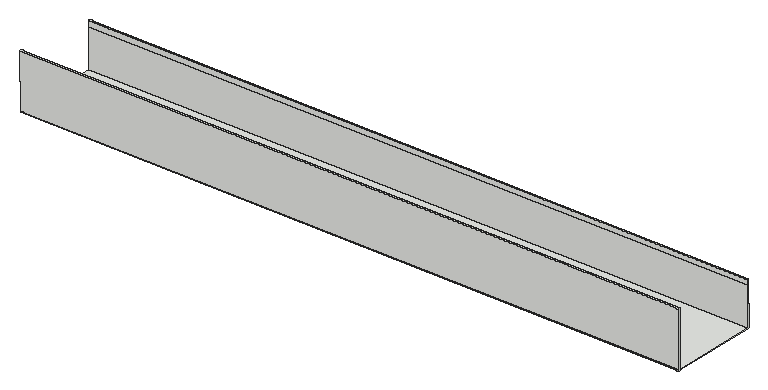
Revit family "PR842", category Mechanical Equipment, Revit 2018
Family settings
  Round Connector Dimension = Use Diameter
  Part Type = Normal
  OmniClass Number = 23.75.00.00
  OmniClass Title = Climate Control (HVAC)
  Work Plane-Based = No
  Always vertical = Yes
  Cut with Voids When Loaded = No
  Shared = No
  Room Calculation Point = No
Parameters (values of type "ISOLAMIN PR842 flashing")
  URL = "http://www.isolamin.se/"
  Thickness = "0.7 mm (Different thicknesses are available on request) \r\n0.7 mm (Different thicknesses are available on request) \r\n0.7 mm (Different thicknesses are available on request)"
  Profile Length = 1180 mm
  Model = "PR842"
  Material = "Galvanized Steel"
  Manufacturer = "ISOLAMIN AB"
  Edition = "1.0 (2018)"
Reference planes
  plane 1 "Center (Front/Back)": y = 0
  plane 2: z = 0
  plane 3 "Center (Left/Right)": x = 0
  plane 4: y = -1284.913
  plane 5: x = 1180
Forms (mm)
  Extrusion 1, solid, material "ISOLAMIN Surface Profile Material"
    sketch origin (0, 0, 0) x (0, 1, 0) y (0, 0, 1)
      loop
        line (-2, 79.256) -> (-2, 70.7) -> (-1, 70.7) -> (-1, 1) -> (-154, 1) -> (-154, 90.7) -> (-153, 90.7) -> (-153, 99.256)
        arc (-153, 99.256) -> (-154, 100) -> (-155, 99.256) r 1.044
        line (-155, 99.256) -> (-155, 1)
        arc (-155, 1) -> (-154.707, 0.293) -> (-154, 0) r 1
        line (-154, 0) -> (-1, 0)
        arc (-1, 0) -> (-0.293, 0.293) -> (0, 1) r 1
        line (0, 1) -> (0, 79.256)
        arc (0, 79.256) -> (-1, 80) -> (-2, 79.256) r 1.044
    from 0 to 1180
Dimensions and locks
  "Profile Length": plane 3 "Center (Left/Right)" to plane 5
  aligned and locked: level to plane 2
  aligned and locked: plane 5 to Extrusion 1
Automatic sketch dimensions
  Extrusion 1 sketch curve to level = 0 mm
  Extrusion 1 sketch curve to plane 1 "Center (Front/Back)" = 0 mm
  Extrusion 1 sketch curve to Extrusion 1 sketch curve = 1 mm  (x5)
  plane 1 "Center (Front/Back)" to Extrusion 1 sketch curve = 1 mm
  Extrusion 1 sketch curve to Extrusion 1 sketch curve = 0 mm  (x3)
  Extrusion 1 sketch curve to Extrusion 1 sketch curve = 151 mm
  Extrusion 1 sketch curve to Extrusion 1 sketch curve = 69.7 mm
  Extrusion 1 sketch curve to Extrusion 1 sketch curve = 8.256 mm  (x2)
  Extrusion 1 sketch curve to Extrusion 1 sketch curve = 0.3 mm  (x2)
  Extrusion 1 sketch curve to Extrusion 1 sketch curve = 89.7 mm
